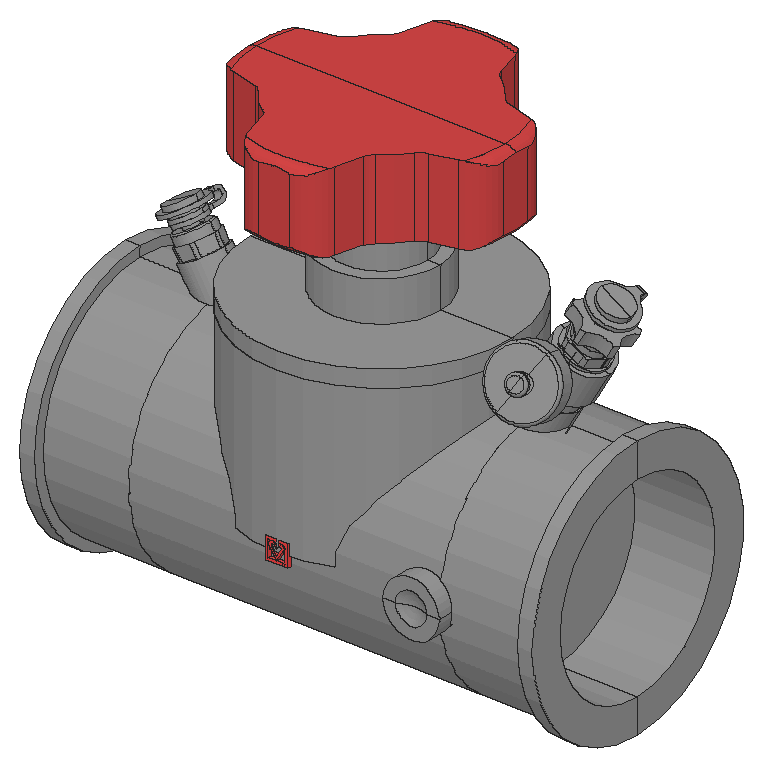
Revit family "HERZ Strömax Commissioning Valve With Test Points, Straight Body 4217 GML", category Rohrzubehör, Revit 2021
Family settings
  Bemaßung runder Anschluss = Durchmesser verwenden
  Teiletyp = Unterbricht
  OmniClass-Nummer = 23.65.55.14
  OmniClass-Titel = Valves for Liquid Services
  Arbeitsebenenbasiert = Nein
  Immer vertikal = Ja
  Beim Laden mit Abzugskörper schneiden = Nein
  Gemeinsam genutzt = Nein
Parameters
  kvs-value [instance] = if(Nennweite = 15.00 mm, 6.05, if(Nennweite = 20.00 mm, 6.11, if(Nennweite = 25.00 mm, 9.22, if(Nennweite = 32.00 mm, 18.83, if(Nennweite = 40.00 mm, 23.29, if(Nennweite = 50.00 mm, 35.26, if(Nennweite = 65.00 mm, 52.11, if(Nennweite = 80.00 mm, 76.1, 0))))))))  # 76.1
  W02 = 60.00°  # constant formula
  W01 = 30.00°  # constant formula
  Vorgabe-Ansicht = 0.00 mm
  URL = "www.herzvalves.com"
  SC_NennweiteBerechnet = 0
  SC_Dimension = ""
  SCRNSEQ = "ARM;ARM_TYP=\"STRV\";2"
  SCRNCODE = "05;07;02"  # constant formula
  S02 = 60.00 mm  # constant formula
  S01 [instance] = H00 + H01  # 119.31 mm
  R01 [instance] = size_lookup("4217_GML_", "R1", 1.00 mm, Nennweite)  # 53.00 mm
  Part number [instance] = size_lookup("4217_GML_", "Artnr", 0, Nennweite)  # 1421718
  Nennweite [instance] = 80.00 mm
  Model = "STRÖMAX-GML commissioning valve with test points and capillary connection 1/2′′ – 3′′:\r\nScrew down model, brass version, socket x socket, non-rising spindle, spindle seal by means of double-O-ring, presetting by limitation of valve lift by means of internal spindle;\r\ndigital display of presetting step at the hand wheel window.\r\nOne standard test point and one test point fitted with a capillary connection are located adjacent to the hand wheel."
  Medium = "Water purity in accordance with the OeNORM H5195 and VDI 2035 standards.\r\nEthylene and propylene glycol can be mixed to a ratio of 25 - 50 vol. [%]."
  Max. operating pressure = 1600000.0 Pa  # constant formula
  Max. operating temperature (up to DN32) = 130 °C  # constant formula
  Max. operating temperature (from DN40) = 110 °C  # constant formula
  ML02 [instance] = size_lookup("4217_GML_", "ML2", 1.00 mm, Nennweite)  # 70.50 mm
  ML01 [instance] = size_lookup("4217_GML_", "ML1", 1.00 mm, Nennweite)  # 37.35 mm
  MD01 = 9.50 mm  # constant formula
  L02 [instance] = size_lookup("4217_GML_", "L2", 1.00 mm, Nennweite)  # 6.00 mm
  L01 [instance] = size_lookup("4217_GML_", "L1", 1.00 mm, Nennweite)  # 41.30 mm
  L00 [instance] = size_lookup("4217_GML_", "L", 1.00 mm, Nennweite)  # 210.00 mm
  IG [instance] = Nennweite / 2  # 40.00 mm
  Hersteller = "HERZ Armaturen Ges.m.b.H."  # constant formula
  H04 [instance] = size_lookup("4217_GML_", "H4", 1.00 mm, Nennweite)  # 19.00 mm
  H03 = 10.00 mm  # constant formula
  H02 [instance] = size_lookup("4217_GML_", "H2", 1.00 mm, Nennweite)  # 7.00 mm
  H01 [instance] = size_lookup("4217_GML_", "H1", 1.00 mm, Nennweite)  # 52.60 mm
  H00 [instance] = size_lookup("4217_GML_", "H", 1.00 mm, Nennweite)  # 66.71 mm
  Weight [instance] = if(Nennweite = 15.00 mm, "0.97 kg", if(Nennweite = 20.00 mm, "1.00 kg", if(Nennweite = 25.00 mm, "1.45 kg", if(Nennweite = 32.00 mm, "1.98 kg", if(Nennweite = 40.00 mm, "2.34 kg", if(Nennweite = 50.00 mm, "3.85 kg", if(Nennweite = 65.00 mm, "5.35 kg", if(Nennweite = 80.00 mm, "7.20 kg", "0 kg"))))))))  # "7.20 kg"
  GT [instance] = size_lookup("4217_GML_", "GT", 1.00 mm, Nennweite)  # 33.30 mm
  Field of application = "For hydraulic balancing in heating and cooling systems, adjustment of distribution mains, circuits, heat exchangers, heating and cooling registers, etc."
  Installation position = "The non-rising valve spindle arranged perpendicular to the valve axis guarantees optimum accessibility and optimum valve operation in any installation position."
  Differential pressure measurement = "STRÖMAX-GML commissioning valve is equipped with two test points.\r\nThe differential pressure can be measured using a suitable measuring instrument, which permits calculation of the flow rate as a function of the respective presetting step.\r\nThe HERZ-Measuring computer (1 8900 05) permits direct flow rate reading (consult the equipment manual)."
  DN80 [instance] = Nennweite = 80.00 mm  # yes
  DN65 [instance] = Nennweite = 65.00 mm  # no
  DN50_DN80 [instance] = or(Nennweite = 50.00 mm, Nennweite = 65.00 mm, Nennweite = 80.00 mm)  # yes
  DN50-DN80 [instance] = H00 + H01  # 119.31 mm
  DN50 [instance] = Nennweite = 50.00 mm  # no
  DN40 [instance] = Nennweite = 40.00 mm  # no
  DN32 [instance] = Nennweite = 32.00 mm  # no
  DN25 [instance] = Nennweite = 25.00 mm  # no
  DN20 [instance] = Nennweite = 20.00 mm  # no
  DN15_DN40 [instance] = or(Nennweite = 15.00 mm, Nennweite = 20.00 mm, Nennweite = 25.00 mm, Nennweite = 32.00 mm, Nennweite = 40.00 mm)  # no
  DN15-DN40 [instance] = H00 + H01  # 119.31 mm
  DN15 [instance] = Nennweite = 15.00 mm  # no
  D06 [instance] = size_lookup("4217_GML_", "D6", 1.00 mm, Nennweite)  # 24.30 mm
  D05 [instance] = size_lookup("4217_GML_", "D5", 1.00 mm, Nennweite)  # 19.00 mm
  D04 = 9.00 mm  # constant formula
  D03 [instance] = size_lookup("4217_GML_", "D3", 1.00 mm, Nennweite)  # 53.80 mm
  D02 [instance] = size_lookup("4217_GML_", "D2", 1.00 mm, Nennweite)  # 54.00 mm
  D01 [instance] = size_lookup("4217_GML_", "D1", 1.00 mm, Nennweite)  # 50.00 mm
  Body = "DZR brass"  # constant formula
Reference planes
  plane 1 "Mitte (Vorne/hinten)": y = 0
  plane 2: z = 0
  plane 3 "Mitte (Links/rechts)": x = 0
Forms (mm)
  Revolve 1, solid, material "Messing, weicher Gelbton, geschweißt", detail levels fine
    sketch origin (0, 0, 0) x (1, 0, 0) y (0, 0, 1)
      loop
        line (-105, 54) -> (-105, 40) -> (-71.7, 40) -> (-71.7, 0) -> (71.7, 0) -> (71.7, 40) -> (105, 40) -> (105, 54) -> (99, 54) -> (99, 50) -> (63.7, 50)
        arc (63.7, 50) -> (0, 53) -> (-63.7, 50) r 677.782
        line (-63.7, 50) -> (-99, 50) -> (-99, 54) -> (-105, 54)
      axis (-105, 0) -> (105, 0)
    angle from 0 to 360
  Revolve 2, solid, material "Messing, weicher Gelbton, geschweißt", detail levels fine
    sketch origin (0, 0, 0) x (1, 0, 0) y (0, 0, 1)
      loop
        line (37.35, 0) -> (72.6, 61.055) -> (64.373, 65.805) -> (29.123, 4.75) -> (37.35, 0)
      axis (37.35, 0) -> (72.6, 61.055)
    angle from 0 to 360
  Revolve 3, solid, material "Messing, weicher Gelbton, geschweißt", detail levels fine
    sketch origin (0, 0, 0) x (1, 0, 0) y (0, 0, 1)
      loop
        line (0, 0) -> (0, 66.71) -> (-53.8, 66.71) -> (-53.8, 0) -> (0, 0)
      axis (0, 66.71) -> (0, 0)
    angle from 0 to 360
  Revolve 4, solid, material "Messing, weicher Gelbton, geschweißt", detail levels fine
    sketch origin (0, 0, 0) x (-1, 0, 0) y (0, 0, 1)
      loop
        line (37.35, 0) -> (72.6, 61.055) -> (64.373, 65.805) -> (29.123, 4.75) -> (37.35, 0)
      axis (37.35, 0) -> (72.6, 61.055)
    angle from 0 to 360
  Revolve 5, solid, material "Messing, weicher Gelbton, geschweißt", visible <- "DN65", detail levels fine
    sketch origin (0, 0, 0) x (1, 0, 0) y (0, 1, 0)
      loop
        line (60, 47.945) -> (60, -47.945)
        arc (60, -47.945) -> (63.368, -48.598) -> (66.5, -50) r 15
        line (66.5, -50) -> (71.5, -50) -> (71.5, 50) -> (66.5, 50)
        arc (66.5, 50) -> (63.368, 48.598) -> (60, 47.945) r 15
      axis (60, 50) -> (60, -50)
    angle from 0 to 360
  Revolve 6, solid, material "Messing, weicher Gelbton, geschweißt", detail levels fine
    sketch origin (0, 0, 0) x (1, 0, 0) y (0, 0, 1)
      loop
        line (0, 66.71) -> (0, 119.31) -> (-9, 119.31) -> (-9, 109.31) -> (-19, 109.31) -> (-19, 90.31) -> (-24.3, 90.31) -> (-24.3, 73.71) -> (-53.8, 73.71) -> (-53.8, 66.71) -> (0, 66.71)
      axis (0, 119.31) -> (0, 66.71)
    angle from 0 to 360
  Revolve 7, solid, material "Messing, weicher Gelbton, geschweißt", visible <- "DN80", detail levels fine
    sketch origin (0, 0, 0) x (1, 0, 0) y (0, 1, 0)
      loop
        line (57, 53.945) -> (57, -53.945)
        arc (57, -53.945) -> (60.368, -54.598) -> (63.5, -56) r 15
        line (63.5, -56) -> (68.5, -56) -> (68.5, 56) -> (63.5, 56)
        arc (63.5, 56) -> (60.368, 54.598) -> (57, 53.945) r 15
      axis (57, 56) -> (57, -56)
    angle from 0 to 360
Lines and regions (mm)
  model lines, detail levels coarse+medium
    curve 1: line (-105, 0, 54) -> (-105, 0, -54)
    curve 2: line (-105, 0, -54) -> (105, 0, 54)
    curve 3: line (105, 0, 54) -> (105, 0, -54)
    curve 4: line (105, 0, -54) -> (-105, 0, 54)
    curve 5: line (0, 0, 0) -> (68.884, 0, 119.31)
    curve 6: line (42.903, 0, 134.31) -> (94.864, 0, 104.31)
    curve 7: line (-105, 54, 0) -> (-105, -54, 0)
    curve 8: line (-105, -54, 0) -> (105, 54, 0)
    curve 9: line (105, 54, 0) -> (105, -54, 0)
    curve 10: line (105, -54, 0) -> (-105, 54, 0)
    curve 11: line (0, 0, 0) -> (68.884, 119.31, 0)
    curve 12: line (42.903, 134.31, 0) -> (94.864, 104.31, 0)
Dimensions and locks
  "IG": Revolve 1 sketch curve to plane 2
  "GT": Revolve 1 sketch curve to Revolve 1 sketch curve  (x2)
  "IG": Revolve 1 sketch curve to Revolve 1 sketch curve
  "D01": Revolve 1 sketch curve to Revolve 1 sketch curve  (x2)
  "R01": Revolve 1 sketch curve to Revolve 1 sketch curve
  "L02": Revolve 1 sketch curve to Revolve 1 sketch curve  (x2)
  "L01": Revolve 1 sketch curve to Revolve 1 sketch curve  (x2)
  "D02": Revolve 1 sketch curve to plane 2  (x2)
  equal spacing: Revolve 1 sketch curve, plane 3 "Mitte (Links/rechts)", Revolve 1 sketch curve
  "L00": Revolve 1 sketch curve to Revolve 1 sketch curve
  "R01": nested 1 to plane 1 "Mitte (Vorne/hinten)"
  "ML01": Revolve 2 sketch curve to plane 3 "Mitte (Links/rechts)"
  "H00": Revolve 3 sketch curve to plane 2
  "D03": Revolve 3 sketch curve to Revolve 3 sketch curve
  "ML02": Revolve 2 sketch curve to Revolve 2 sketch curve
  "MD01": Revolve 2 sketch curve to Revolve 2 sketch curve  (x2)
  "ML02": Revolve 4 sketch curve to Revolve 4 sketch curve
  "MD01": Revolve 4 sketch curve to Revolve 4 sketch curve  (x2)
  "ML01": plane 3 "Mitte (Links/rechts)" to Revolve 4 sketch curve
  Revolve 5 sketch curve to Revolve 1 = 45.00 mm
  Revolve 5 sketch curve to Revolve 5 sketch curve = 11.50 mm  (x2)
  Revolve 5 sketch curve to plane 1 "Mitte (Vorne/hinten)" to Revolve 5 sketch curve = 50.00 mm, 50.00 mm
  "H00": Revolve 6 sketch curve to plane 2
  "H01": Revolve 6 sketch curve to Revolve 6 sketch curve
  "D04": Revolve 6 sketch curve to Revolve 6 sketch curve
  "D03": Revolve 6 sketch curve to Revolve 6 sketch curve
  "D05": Revolve 6 sketch curve to Revolve 6 sketch curve
  "D06": Revolve 6 sketch curve to Revolve 6 sketch curve
  "H02": Revolve 6 sketch curve to Revolve 6 sketch curve
  "H03": Revolve 6 sketch curve to Revolve 6 sketch curve
  "H04": Revolve 6 sketch curve to Revolve 6 sketch curve
  Revolve 7 sketch curve to Revolve 1 = 48.00 mm
  Revolve 7 sketch curve to Revolve 7 sketch curve = 11.50 mm  (x2)
  Revolve 7 sketch curve to plane 1 "Mitte (Vorne/hinten)" to Revolve 7 sketch curve = 56.00 mm, 56.00 mm
  "DN15-DN40": nested 2 to plane 2
  "DN50-DN80": nested 3 to plane 2
  "D02": curve 4 to plane 2 to curve 2
  "D02": curve 3 to plane 2 to curve 4
  equal spacing: curve 1, plane 3 "Mitte (Links/rechts)", curve 3
  "L00": curve 1 to curve 3
  equal spacing: Revolve 1, curve 5, Revolve 1
  "S01": curve 5 to plane 2
  equal spacing: curve 6, curve 5, curve 6
  "S02": curve 6 to curve 6
  "D02": curve 8 to plane 1 "Mitte (Vorne/hinten)" to curve 10
  "D02": curve 10 to plane 1 "Mitte (Vorne/hinten)" to curve 9
  equal spacing: curve 7, plane 3 "Mitte (Links/rechts)", curve 9
  "L00": curve 7 to curve 9
  equal spacing: curve 7, curve 11, curve 9
  "S01": plane 1 "Mitte (Vorne/hinten)" to curve 11
  equal spacing: curve 12, curve 11, curve 12
  "S02": curve 12 to curve 12
  radius of Revolve 5 sketch curve = 15.00 mm  (x2)
  radius of Revolve 7 sketch curve = 15.00 mm  (x2)
  "W01": angle Revolve 2 sketch curve to plane 3 "Mitte (Links/rechts)"  (x2)
  "W01": angle plane 3 "Mitte (Links/rechts)" to Revolve 4 sketch curve  (x2)
  "W02": angle plane 2 to curve 5
  "W02": angle plane 1 "Mitte (Vorne/hinten)" to curve 11
  aligned and locked: level to plane 2
Automatic sketch dimensions
  Revolve 5 sketch curve to Revolve 5 sketch curve = 1.153 mm  (x2)
  Revolve 5 sketch curve to Revolve 5 sketch curve = 5.00 mm  (x2)
  Revolve 5 sketch curve to Revolve 5 sketch curve = 2.854 mm  (x2)
  Revolve 7 sketch curve to Revolve 7 sketch curve = 1.153 mm  (x2)
  Revolve 7 sketch curve to Revolve 7 sketch curve = 5.00 mm  (x2)
  Revolve 7 sketch curve to Revolve 7 sketch curve = 8.854 mm  (x2)
  Revolve 1 sketch curve to level = 0.00 mm  (x2)
  Revolve 1 sketch curve to Revolve 1 sketch curve = 1429.986 mm
  Revolve 1 sketch curve to Revolve 1 sketch curve = 1762.604 mm
  Revolve 2 sketch curve to level = 0.00 mm  (x2)
  Revolve 3 sketch curve to level = 0.00 mm
  Revolve 3 sketch curve to plane 3 "Mitte (Links/rechts)" = 0.00 mm  (x2)
  Revolve 3 sketch curve to Revolve 3 sketch curve = 366.045 mm
  Revolve 3 sketch curve to Revolve 3 sketch curve = 2179.415 mm
  Revolve 4 sketch curve to level = 0.00 mm  (x2)
  Revolve 6 sketch curve to plane 3 "Mitte (Links/rechts)" = 0.00 mm  (x2)
  Revolve 6 sketch curve to level = 366.045 mm
  Revolve 6 sketch curve to Revolve 6 sketch curve = 2146.115 mm
Nested families
  nested 1: "Herz-Logo-vorne" at (0, -53, 0) x (0, 1, 0) z (0, 0, 1), type "Herz-Logo-vorne", detail levels fine
  nested 2: "Strangregulierventil-Handrad-Gerade (Rot) DN15-DN40" at (0, 0, 119.31), visible <- "DN15_DN40", type "Strangregulierventil-Handrad-Gerade (Rot) DN15-DN40", detail levels fine
    with Nennweite 0.00 mm, Gewicht 0.00 kg, Bestellnummer 0
  nested 3: "Strangregulierventil-Handrad-Gerade (Rot) DN50-DN80" at (0, 0, 119.31), visible <- "DN50_DN80", type "Strangregulierventil-Handrad-Gerade (Rot) DN50-DN80", detail levels fine
    with Nennweite 0.00 mm, Gewicht 0.00 kg, Bestellnummer 0
  nested 4: "Messstutzen_Band-KFE_Austritt_30Grad_(oben)" at (61.39, 0, 59.409), visible <- "DN50", type "Messstutzen_Band-KFE_Austritt_30Grad_(oben)", detail levels fine
    with Schutzkappe yes, Nennweite 0.00 mm, Gewicht 0.00 kg, Bestellnummer 0
  nested 5: "Messstutzen_Band_Eintritt_30Grad_(oben)" at (-47.24, 0, 34.901) x (-1, 0, 0) z (0, 0, 1), visible <- "DN50", type "Messstutzen_Band_Eintritt_30Grad_(oben)", detail levels fine
    with Schutzkappe yes, Nennweite 0.00 mm, Gewicht 0.00 kg, Bestellnummer 0
  nested 6: "Messstutzen_Band-KFE_Austritt_30Grad_(oben)" at (41.17, 0, 35.507), visible <- "DN15", type "Messstutzen_Band-KFE_Austritt_30Grad_(oben)", detail levels fine
    with Schutzkappe yes, Nennweite 0.00 mm, Gewicht 0.00 kg, Bestellnummer 0
  nested 7: "Messstutzen_Band_Eintritt_30Grad_(oben)" at (-27.02, 0, 10.999) x (-1, 0, 0) z (0, 0, 1), visible <- "DN15", type "Messstutzen_Band_Eintritt_30Grad_(oben)", detail levels fine
    with Schutzkappe yes, Nennweite 0.00 mm, Gewicht 0.00 kg, Bestellnummer 0
  nested 8: "Messstutzen_Band_Eintritt_30Grad_(oben)" at (-24.855, 0, 13.553) x (-1, 0, 0) z (0, 0, 1), visible <- "DN20", type "Messstutzen_Band_Eintritt_30Grad_(oben)", detail levels fine
    with Schutzkappe yes, Nennweite 0.00 mm, Gewicht 0.00 kg, Bestellnummer 0
  nested 9: "Messstutzen_Band-KFE_Austritt_30Grad_(oben)" at (39.005, 0, 38.062), visible <- "DN20", type "Messstutzen_Band-KFE_Austritt_30Grad_(oben)", detail levels fine
    with Schutzkappe yes, Nennweite 0.00 mm, Gewicht 0.00 kg, Bestellnummer 0
  nested 10: "Messstutzen_Band_Eintritt_30Grad_(oben)" at (-29.265, 0, 17.883) x (-1, 0, 0) z (0, 0, 1), visible <- "DN25", type "Messstutzen_Band_Eintritt_30Grad_(oben)", detail levels fine
    with Schutzkappe yes, Nennweite 0.00 mm, Gewicht 0.00 kg, Bestellnummer 0
  nested 11: "Messstutzen_Band-KFE_Austritt_30Grad_(oben)" at (43.415, 0, 42.392), visible <- "DN25", type "Messstutzen_Band-KFE_Austritt_30Grad_(oben)", detail levels fine
    with Schutzkappe yes, Nennweite 0.00 mm, Gewicht 0.00 kg, Bestellnummer 0
  nested 12: "Messstutzen_Band_Eintritt_30Grad_(oben)" at (-37.74, 0, 24.595) x (-1, 0, 0) z (0, 0, 1), visible <- "DN32", type "Messstutzen_Band_Eintritt_30Grad_(oben)", detail levels fine
    with Schutzkappe yes, Nennweite 0.00 mm, Gewicht 0.00 kg, Bestellnummer 0
  nested 13: "Messstutzen_Band-KFE_Austritt_30Grad_(oben)" at (51.89, 0, 49.104), visible <- "DN32", type "Messstutzen_Band-KFE_Austritt_30Grad_(oben)", detail levels fine
    with Schutzkappe yes, Nennweite 0.00 mm, Gewicht 0.00 kg, Bestellnummer 0
  nested 14: "Messstutzen_Band_Eintritt_30Grad_(oben)" at (-42.8, 0, 28.665) x (-1, 0, 0) z (0, 0, 1), visible <- "DN40", type "Messstutzen_Band_Eintritt_30Grad_(oben)", detail levels fine
    with Schutzkappe yes, Nennweite 0.00 mm, Gewicht 0.00 kg, Bestellnummer 0
  nested 15: "Messstutzen_Band-KFE_Austritt_30Grad_(oben)" at (56.95, 0, 53.174), visible <- "DN40", type "Messstutzen_Band-KFE_Austritt_30Grad_(oben)", detail levels fine
    with Schutzkappe yes, Nennweite 0.00 mm, Gewicht 0.00 kg, Bestellnummer 0
  nested 16: "Messstutzen_Band_Eintritt_30Grad_(oben)" at (-54.5, 0, 38.105) x (-1, 0, 0) z (0, 0, 1), visible <- "DN65", type "Messstutzen_Band_Eintritt_30Grad_(oben)", detail levels fine
    with Schutzkappe yes, Nennweite 0.00 mm, Gewicht 0.00 kg, Bestellnummer 0
  nested 17: "Messstutzen_Band-KFE_Austritt_30Grad_(oben)" at (68.65, 0, 62.614), visible <- "DN65", type "Messstutzen_Band-KFE_Austritt_30Grad_(oben)", detail levels fine
    with Schutzkappe yes, Nennweite 0.00 mm, Gewicht 0.00 kg, Bestellnummer 0
  nested 18: "Messstutzen_Band_Eintritt_30Grad_(oben)" at (-63.85, 0, 45.899) x (-1, 0, 0) z (0, 0, 1), visible <- "DN80", type "Messstutzen_Band_Eintritt_30Grad_(oben)", detail levels fine
    with Schutzkappe yes, Nennweite 0.00 mm, Gewicht 0.00 kg, Bestellnummer 0
  nested 19: "Messstutzen_Band-KFE_Austritt_30Grad_(oben)" at (78, 0, 70.408), visible <- "DN80", type "Messstutzen_Band-KFE_Austritt_30Grad_(oben)", detail levels fine
    with Schutzkappe yes, Nennweite 0.00 mm, Gewicht 0.00 kg, Bestellnummer 0
Connectors
  piping at (-71.7, 0, 0), diameter 80, driven by "Nennweite"
    settings: on Revolve 1, index 1, connector inside diameter 609.6 mm, connector length 0.00 mm, flow factor 0, pipe flow 0.0 L/s, pressure drop 0.0 Pa, fitting loss kfactor 0, connector angle 0.00°, fixture units 0, engagement length 0.00 mm, angle of deflection 0.00°, flow configuration 0, flow direction 1, fitting loss method 0, system type 29, joint type 0, gender type 0, connector reference index -1, connector utility 0, adjustable connector no, is connector primary yes, connector description ""
  piping at (71.7, 0, 0), diameter 80, driven by "Nennweite"
    settings: on Revolve 1, index 2, connector inside diameter 609.6 mm, connector length 0.00 mm, flow factor 0, pipe flow 0.0 L/s, pressure drop 0.0 Pa, fitting loss kfactor 0, connector angle 0.00°, fixture units 0, engagement length 0.00 mm, angle of deflection 0.00°, flow configuration 0, flow direction 2, fitting loss method 0, system type 29, joint type 0, gender type 0, connector reference index -1, connector utility 0, adjustable connector no, is connector primary no, connector description ""
Definition of nested family "Herz-Logo-vorne"
  Parameters (values of type "Herz-Logo-vorne")
    Default Elevation = 0.00 mm
  Reference planes
    plane 1 "Mitte (Vorne/hinten)": y = 0
    plane 2: z = 0
    plane 3 "Mitte (Links/rechts)": x = 0
  Forms (mm)
    Extrusion 1, solid
      sketch origin (0.732, -0.018, 0.017) x (0, -1, 0) y (0, 0, 1)
        loop
          line (-0.018, -4.517) -> (4.482, -4.517) -> (4.482, 4.483) -> (-4.518, 4.483) -> (-4.518, -4.517) -> (-0.018, -4.517)
        loop
          line (-0.05, -3.48) -> (3.482, -3.48) -> (3.482, 3.483) -> (-3.518, 3.483) -> (-3.518, -3.48) -> (-0.05, -3.48)
        loop
          arc (-0.018, 2.383) -> (-1.543, 3.287) -> (-3.067, 2.383) r 1.738
          arc (-3.067, 2.383) -> (-3.191, 1.899) -> (-3.067, 1.415) r 1.009
          line (-3.067, 1.415) -> (-0.018, -3.281) -> (3.032, 1.415)
          arc (3.032, 1.415) -> (3.156, 1.899) -> (3.032, 2.383) r 1.009
          arc (3.032, 2.383) -> (1.507, 3.287) -> (-0.018, 2.383) r 1.738
        loop
          arc (1.885, 1.272) -> (2.005, 1.675) -> (1.885, 2.079) r 0.74
          arc (1.885, 2.079) -> (1.265, 2.416) -> (0.644, 2.079) r 0.74
          line (0.644, 2.079) -> (-0.018, 0.97) -> (-0.679, 2.079)
          arc (-0.679, 2.079) -> (-1.3, 2.416) -> (-1.921, 2.079) r 0.74
          arc (-1.921, 2.079) -> (-2.04, 1.675) -> (-1.921, 1.272) r 0.74
          line (-1.921, 1.272) -> (-0.018, -1.658) -> (1.885, 1.272)
      from 0 to 1.5
  Dimensions and locks
    aligned and locked: level to plane 2
Definition of nested family "Strangregulierventil-Handrad-Gerade (Rot) DN15-DN40"
  Parameters (values of type "Strangregulierventil-Handrad-Gerade (Rot) DN15-DN40")
    Default Elevation = 0.00 mm
    URL = "www.herz-armaturen.at"
    Nennweite [instance] = 0.00 mm
    Manufacturer = "Herz Armaturen GmbH"  # constant formula
    Gewicht [instance] = 0.00 kg
    Bestellnummer [instance] = 0
  Reference planes
    plane 1 "Mitte (Vorne/hinten)": y = 0
    plane 2: z = 0
    plane 3 "Mitte (Links/rechts)": x = 0
  Forms (mm)
    Revolve 1, solid, detail levels fine
      sketch origin (0, 0, 0) x (1, 0, 0) y (0, 0, 1)
        loop
          line (0, 0) -> (0, 24.95) -> (-30.992, 24.95)
          arc (-30.992, 24.95) -> (-34.37, 23.636) -> (-35.973, 20.386) r 5
          line (-35.973, 20.386) -> (-37, 8.65) -> (-35.986, -2.936)
          arc (-35.986, -2.936) -> (-34.383, -6.186) -> (-31.005, -7.5) r 5
          line (-31.005, -7.5) -> (-15, -7.5) -> (-15, 0) -> (0, 0)
        axis (0, 24.95) -> (0, -7.5)
      angle from 0 to 360
    Extrusion 2, void
      sketch origin (0, 0, 20.3) x (1, 0, 0) y (0, 1, 0)
        loop
          line (3.861, 35.5) -> (-3.861, 35.5)
          arc (-3.861, 35.5) -> (-8.731, 33.847) -> (-11.589, 29.571) r 8
          line (-11.589, 29.571) -> (-13.284, 23.245)
          arc (-13.284, 23.245) -> (-13.982, 21.722) -> (-15.144, 20.516) r 5
          arc (-15.144, 20.516) -> (-18.031, 18.031) -> (-20.516, 15.144) r 25.5
          arc (-20.516, 15.144) -> (-21.722, 13.982) -> (-23.245, 13.284) r 5
          line (-23.245, 13.284) -> (-29.571, 11.589)
          arc (-29.571, 11.589) -> (-33.847, 8.731) -> (-35.5, 3.861) r 8
          line (-35.5, 3.861) -> (-35.5, -3.861)
          arc (-35.5, -3.861) -> (-33.847, -8.731) -> (-29.571, -11.589) r 8
          line (-29.571, -11.589) -> (-23.245, -13.284)
          arc (-23.245, -13.284) -> (-21.722, -13.982) -> (-20.516, -15.144) r 5
          arc (-20.516, -15.144) -> (-18.031, -18.031) -> (-15.144, -20.516) r 25.5
          arc (-15.144, -20.516) -> (-13.982, -21.722) -> (-13.284, -23.245) r 5
          line (-13.284, -23.245) -> (-11.589, -29.571)
          arc (-11.589, -29.571) -> (-8.731, -33.847) -> (-3.861, -35.5) r 8
          line (-3.861, -35.5) -> (3.861, -35.5)
          arc (3.861, -35.5) -> (8.731, -33.847) -> (11.589, -29.571) r 8
          line (11.589, -29.571) -> (13.284, -23.245)
          arc (13.284, -23.245) -> (13.982, -21.722) -> (15.144, -20.516) r 5
          arc (15.144, -20.516) -> (18.031, -18.031) -> (20.516, -15.144) r 25.5
          arc (20.516, -15.144) -> (21.722, -13.982) -> (23.245, -13.284) r 5
          line (23.245, -13.284) -> (29.571, -11.589)
          arc (29.571, -11.589) -> (33.847, -8.731) -> (35.5, -3.861) r 8
          line (35.5, -3.861) -> (35.5, 3.861)
          arc (35.5, 3.861) -> (33.847, 8.731) -> (29.571, 11.589) r 8
          line (29.571, 11.589) -> (23.245, 13.284)
          arc (23.245, 13.284) -> (21.722, 13.982) -> (20.516, 15.144) r 5
          arc (20.516, 15.144) -> (18.031, 18.031) -> (15.144, 20.516) r 25.5
          arc (15.144, 20.516) -> (13.982, 21.722) -> (13.284, 23.245) r 5
          line (13.284, 23.245) -> (11.589, 29.571)
          arc (11.589, 29.571) -> (8.731, 33.847) -> (3.861, 35.5) r 8
        loop
          circle (0, 0) r 38
      from -31.266 to 7.923
  Cuts and joins
    Extrusion 2 cuts Revolve 1
  Dimensions and locks
    Revolve 1 sketch curve to Revolve 1 sketch curve = 15.00 mm
    Revolve 1 sketch curve to Revolve 1 sketch curve = 16.15 mm
    Revolve 1 sketch curve to Revolve 1 sketch curve = 16.30 mm
    angle Revolve 1 sketch curve to Revolve 1 sketch curve = 95.00°
    aligned and locked: level to plane 2
Definition of nested family "Strangregulierventil-Handrad-Gerade (Rot) DN50-DN80"
  Parameters (values of type "Strangregulierventil-Handrad-Gerade (Rot) DN50-DN80")
    Default Elevation = 0.00 mm
    URL = "www.herz-armaturen.at"
    Nennweite [instance] = 0.00 mm
    Manufacturer = "Herz Armaturen GmbH"  # constant formula
    Gewicht [instance] = 0.00 kg
    Bestellnummer [instance] = 0
  Reference planes
    plane 1 "Mitte (Vorne/hinten)": y = 0
    plane 2: z = 0
    plane 3 "Mitte (Links/rechts)": x = 0
  Forms (mm)
    Revolve 1, solid, detail levels fine
      sketch origin (0, 0, 0) x (1, 0, 0) y (0, 0, 1)
        loop
          line (0, 0) -> (0, 24.95) -> (-50.992, 24.95)
          arc (-50.992, 24.95) -> (-54.37, 23.636) -> (-55.973, 20.386) r 5
          line (-55.973, 20.386) -> (-57, 8.65) -> (-55.986, -2.936)
          arc (-55.986, -2.936) -> (-54.383, -6.186) -> (-51.005, -7.5) r 5
          line (-51.005, -7.5) -> (-15, -7.5) -> (-15, 0) -> (0, 0)
        axis (0, 24.95) -> (0, -7.5)
      angle from 0 to 360
    Extrusion 2, void
      sketch origin (0, 0, 20.3) x (1, 0, 0) y (0, 1, 0)
        loop
          line (-55, 6.292) -> (-55, -6.292)
          arc (-55, -6.292) -> (-52.52, -13.597) -> (-46.106, -17.883) r 12
          line (-46.106, -17.883) -> (-35.399, -20.752)
          arc (-35.399, -20.752) -> (-33.541, -21.612) -> (-32.08, -23.047) r 6
          arc (-32.08, -23.047) -> (-27.931, -27.931) -> (-23.047, -32.08) r 39.5
          arc (-23.047, -32.08) -> (-21.612, -33.541) -> (-20.752, -35.399) r 6
          line (-20.752, -35.399) -> (-17.883, -46.106)
          arc (-17.883, -46.106) -> (-13.597, -52.52) -> (-6.292, -55) r 12
          line (-6.292, -55) -> (6.292, -55)
          arc (6.292, -55) -> (13.597, -52.52) -> (17.883, -46.106) r 12
          line (17.883, -46.106) -> (20.752, -35.399)
          arc (20.752, -35.399) -> (21.612, -33.541) -> (23.047, -32.08) r 6
          arc (23.047, -32.08) -> (27.931, -27.931) -> (32.08, -23.047) r 39.5
          arc (32.08, -23.047) -> (33.541, -21.612) -> (35.399, -20.752) r 6
          line (35.399, -20.752) -> (46.106, -17.883)
          arc (46.106, -17.883) -> (52.52, -13.597) -> (55, -6.292) r 12
          line (55, -6.292) -> (55, 6.292)
          arc (55, 6.292) -> (52.52, 13.597) -> (46.106, 17.883) r 12
          line (46.106, 17.883) -> (35.399, 20.752)
          arc (35.399, 20.752) -> (33.541, 21.612) -> (32.08, 23.047) r 6
          arc (32.08, 23.047) -> (27.931, 27.931) -> (23.047, 32.08) r 39.5
          arc (23.047, 32.08) -> (21.612, 33.541) -> (20.752, 35.399) r 6
          line (20.752, 35.399) -> (17.883, 46.106)
          arc (17.883, 46.106) -> (13.597, 52.52) -> (6.292, 55) r 12
          line (6.292, 55) -> (-6.292, 55)
          arc (-6.292, 55) -> (-13.597, 52.52) -> (-17.883, 46.106) r 12
          line (-17.883, 46.106) -> (-20.752, 35.399)
          arc (-20.752, 35.399) -> (-21.612, 33.541) -> (-23.047, 32.08) r 6
          arc (-23.047, 32.08) -> (-27.931, 27.931) -> (-32.08, 23.047) r 39.5
          arc (-32.08, 23.047) -> (-33.541, 21.612) -> (-35.399, 20.752) r 6
          line (-35.399, 20.752) -> (-46.106, 17.883)
          arc (-46.106, 17.883) -> (-52.52, 13.597) -> (-55, 6.292) r 12
        loop
          circle (0, 0) r 60
      from -31.161 to 7.489
  Cuts and joins
    Extrusion 2 cuts Revolve 1
  Dimensions and locks
    Revolve 1 sketch curve to Revolve 1 sketch curve = 15.00 mm
    Revolve 1 sketch curve to Revolve 1 sketch curve = 16.15 mm
    Revolve 1 sketch curve to Revolve 1 sketch curve = 16.30 mm
    Revolve 1 sketch curve to Revolve 1 sketch curve = 57.00 mm
    angle Revolve 1 sketch curve to Revolve 1 sketch curve = 95.00°
    aligned and locked: level to plane 2
Definition of nested family "Messstutzen_Band-KFE_Austritt_30Grad_(oben)"
  Parameters (values of type "Messstutzen_Band-KFE_Austritt_30Grad_(oben)")
    Default Elevation = 0.00 mm
    URL = "www.herz-armaturen.at"
    Schutzkappe [instance] = yes
    Nennweite [instance] = 0.00 mm
    Manufacturer = "Herz Armaturen GmbH"  # constant formula
    Gewicht [instance] = 0.00 kg
    Bestellnummer [instance] = 0
  Reference planes
    plane 1 "Mitte (Vorne/hinten)": y = 0
    plane 2: z = 0
    plane 3 "Mitte (Links/rechts)": x = 0
  Forms (mm)
    Revolve 1, solid, detail levels fine
      sketch origin (0, 0, 0) x (0.866025, 0, -0.5) y (0.5, 0, 0.866025)
        loop
          line (-7.4, 9) -> (-5.55, 9) -> (-5.55, 6)
          arc (-5.55, 6) -> (-5.626, 5.617) -> (-5.843, 5.293) r 1
          line (-5.843, 5.293) -> (-6.455, 4.681) -> (-6.455, 0.9) -> (-5.555, 0) -> (-2, 0) -> (-2, 23) -> (-2, 35.8) -> (-3.805, 35.8) -> (-4.415, 35.19) -> (-4.415, 30.863) -> (-3.7, 30.45) -> (-3.7, 27) -> (-7.4, 27) -> (-7.4, 9)
        axis (0, 0) -> (0, 35.8)
      angle from 0 to 360
    Extrusion 2, solid, detail levels fine
      sketch origin (8.75, 0, 15.155) x (0, 1, 0) y (-0.866025, 0, 0.5)
        loop
          arc (-7.07, 5.156) -> (-7.578, 4.375) -> (-8, 3.544) r 8.75
          line (-8, 3.544) -> (-8, -3.544)
          arc (-8, -3.544) -> (-7.578, -4.375) -> (-7.07, -5.156) r 8.75
          line (-7.07, -5.156) -> (-0.93, -8.7)
          arc (-0.93, -8.7) -> (0, -8.75) -> (0.93, -8.7) r 8.75
          line (0.93, -8.7) -> (7.07, -5.156)
          arc (7.07, -5.156) -> (7.578, -4.375) -> (8, -3.544) r 8.75
          line (8, -3.544) -> (8, 3.544)
          arc (8, 3.544) -> (7.578, 4.375) -> (7.07, 5.156) r 8.75
          line (7.07, 5.156) -> (0.93, 8.7)
          arc (0.93, 8.7) -> (0, 8.75) -> (-0.93, 8.7) r 8.75
          line (-0.93, 8.7) -> (-7.07, 5.156)
      from -5.51 to -1.21
    Revolve 3, solid, visible <- "Schutzkappe", detail levels fine
      sketch origin (0, 0, 0) x (0.866025, 0, -0.5) y (0.5, 0, 0.866025)
        loop
          line (0, 35.878) -> (0, 36.678) -> (-7, 36.678) -> (-7, 33.378) -> (-6.1, 33.378) -> (-6.1, 31.678) -> (-6.9, 31.678) -> (-6.9, 30.178) -> (-4.415, 30.178) -> (-4.415, 35.268) -> (-3.805, 35.878) -> (0, 35.878)
        axis (0, 30.178) -> (0, 36.678)
      angle from 0 to 360
    Extrusion 4, solid, detail levels fine
      sketch origin (15, 0, 25.981) x (0, 1, 0) y (0.866025, 0, -0.5)
        loop
          circle (0, 0) r 3.7
        loop
          arc (5.505, -3.906) -> (7.288, -2.358) -> (9.582, -1.8) r 5
          line (9.582, -1.8) -> (9.582, 1.8)
          arc (9.582, 1.8) -> (7.288, 2.358) -> (5.505, 3.906) r 5
          arc (5.505, 3.906) -> (-6.75, 0) -> (5.505, -3.906) r 6.75
      from 0 to -1.5
    Extrusion 5, solid, detail levels fine
      sketch origin (16.589, 0, 28.733) x (0, 1, 0) y (0.866025, 0, -0.5)
        loop
          circle (0, 0) r 6.1
        loop
          arc (8.652, -4.495) -> (10.493, -2.527) -> (13.089, -1.8) r 5
          line (13.089, -1.8) -> (13.089, 1.8)
          arc (13.089, 1.8) -> (10.493, 2.527) -> (8.652, 4.495) r 5
          arc (8.652, 4.495) -> (-9.75, 0) -> (8.652, -4.495) r 9.75
      from 0 to -1.5
    Sweep 6, solid, detail levels fine
      path origin (0, 0, 0) x (-0.5, 0, -0.866025) y (0, 1, 0)
        loop
          line (-29.25, 9.582) -> (-29.25, 14.522)
          arc (-29.25, 14.522) -> (-30.839, 16.112) -> (-32.428, 14.522) r 1.589
          line (-32.428, 14.522) -> (-32.428, 13.089)
      profile origin (14.625, 12.052, 25.331) x (0.5, 0, 0.866025) y (0.866025, 0, -0.5)
        loop
          line (-0.75, -1.8) -> (0.75, -1.8) -> (0.75, 1.8) -> (-0.75, 1.8) -> (-0.75, -1.8)
    Extrusion 7, solid, detail levels fine
      sketch origin (-87.639, 0, 50.598) x (0.866025, 0, -0.5) y (0, 1, 0)
        loop
          arc (112.053, 5.113) -> (111.589, 6) -> (111.053, 6.845) r 12
          arc (111.053, 6.845) -> (105.696, 7.794) -> (102.196, 11.958) r 7.971
          arc (102.196, 11.958) -> (101.196, 12) -> (100.196, 11.958) r 12
          arc (100.196, 11.958) -> (96.696, 7.794) -> (91.34, 6.845) r 7.971
          arc (91.34, 6.845) -> (90.804, 6) -> (90.34, 5.113) r 12
          arc (90.34, 5.113) -> (92.196, 0) -> (90.34, -5.113) r 7.971
          arc (90.34, -5.113) -> (90.804, -6) -> (91.34, -6.845) r 12
          arc (91.34, -6.845) -> (96.696, -7.794) -> (100.196, -11.958) r 7.971
          arc (100.196, -11.958) -> (101.196, -12) -> (102.196, -11.958) r 12
          arc (102.196, -11.958) -> (105.696, -7.794) -> (111.053, -6.845) r 7.971
          arc (111.053, -6.845) -> (111.589, -6) -> (112.053, -5.113) r 12
          arc (112.053, -5.113) -> (110.196, 0) -> (112.053, 5.113) r 7.971
      from 22.3 to 28.5
    Revolve 8, solid, detail levels fine
      sketch origin (-47.563, 0, 4.367) x (-0.866025, 0, 0.5) y (0.5, 0, 0.866025)
        loop
          line (-43.374, 0) -> (-37.874, 0) -> (-36.774, 1.1) -> (-36.774, 4.9) -> (-37.874, 6) -> (-37.874, 8.4) -> (-36.424, 8.4) -> (-36.424, 9.2) -> (-34.424, 9.2) -> (-34.424, 15.59) -> (-31.874, 15.59) -> (-31.874, 30.99) -> (-33.874, 30.99) -> (-33.874, 31.99) -> (-43.374, 31.99) -> (-43.374, 0)
        loop
          line (-43.374, 39) -> (-43.374, 36.29) -> (-35.874, 36.29) -> (-35.874, 39) -> (-43.374, 39)
        axis (-43.374, 39) -> (-43.374, 0)
      angle from 0 to 360
    Revolve 9, solid, detail levels fine
      sketch origin (0, 0, 0) x (0, -1, 0) y (0.5, 0, 0.866025)
        loop
          line (0, -1.01) -> (32.627, 14.204) -> (27.556, 25.08) -> (25.934, 25.67) -> (21.602, 23.65) -> (14.873, 11.994) -> (-2.324, 3.975) -> (0, -1.01)
        axis (32.627, 14.204) -> (0, -1.01)
      angle from 0 to 360
    Revolve 10, solid, detail levels fine
      sketch origin (-19.899, -51.188, -34.465) x (-0.453154, -0.422618, -0.784886) y (0.211309, -0.906308, 0.365998)
        loop
          line (-56.786, 8) -> (-45.747, 8) -> (-45.747, 0) -> (-43.834, 0) -> (-42.786, 1.048) -> (-42.786, 8.048)
          arc (-42.786, 8.048) -> (-43.065, 8.721) -> (-43.738, 9) r 0.952
          line (-43.738, 9) -> (-52.974, 9)
          arc (-52.974, 9) -> (-53.548, 9.238) -> (-53.786, 9.812) r 0.812
          line (-53.786, 9.812) -> (-53.786, 12) -> (-52.786, 12) -> (-52.786, 13.03)
          arc (-52.786, 13.03) -> (-53.07, 13.716) -> (-53.756, 14) r 0.97
          line (-53.756, 14) -> (-56.786, 14) -> (-56.786, 8)
        axis (-56.786, 14) -> (-56.786, 0)
      angle from 0 to 360
  Dimensions and locks
    aligned and locked: level to plane 2
Definition of nested family "Messstutzen_Band_Eintritt_30Grad_(oben)"
  Parameters (values of type "Messstutzen_Band_Eintritt_30Grad_(oben)")
    Default Elevation = 0.00 mm
    URL = "www.herz-armaturen.at"
    Schutzkappe [instance] = yes
    Nennweite [instance] = 0.00 mm
    Manufacturer = "Herz Armaturen GmbH"  # constant formula
    Gewicht [instance] = 0.00 kg
    Bestellnummer [instance] = 0
  Reference planes
    plane 1 "Mitte (Vorne/hinten)": y = 0
    plane 2: z = 0
    plane 3 "Mitte (Links/rechts)": x = 0
  Forms (mm)
    Revolve 1, solid, detail levels fine
      sketch origin (0, 0, 0) x (0.866025, 0, -0.5) y (0.5, 0, 0.866025)
        loop
          line (-7.4, 9) -> (-5.55, 9) -> (-5.55, 6)
          arc (-5.55, 6) -> (-5.626, 5.617) -> (-5.843, 5.293) r 1
          line (-5.843, 5.293) -> (-6.455, 4.681) -> (-6.455, 0.9) -> (-5.555, 0) -> (-2, 0) -> (-2, 17.5) -> (-8.4, 17.5)
          arc (-8.4, 17.5) -> (-7.693, 17.207) -> (-7.4, 16.5) r 1
          line (-7.4, 16.5) -> (-7.4, 9)
        loop
          line (-3.7, 27) -> (-7.3, 27) -> (-7.9, 26.4) -> (-7.9, 23) -> (-2, 23) -> (-2, 35.8) -> (-3.805, 35.8) -> (-4.415, 35.19) -> (-4.415, 30.863) -> (-3.7, 30.45) -> (-3.7, 27)
        axis (0, 0) -> (0, 35.8)
      angle from 0 to 360
    Extrusion 2, solid, detail levels fine
      sketch origin (8.75, 0, 15.155) x (0, 1, 0) y (-0.866025, 0, 0.5)
        loop
          arc (-7.07, 5.156) -> (-7.578, 4.375) -> (-8, 3.544) r 8.75
          line (-8, 3.544) -> (-8, -3.544)
          arc (-8, -3.544) -> (-7.578, -4.375) -> (-7.07, -5.156) r 8.75
          line (-7.07, -5.156) -> (-0.93, -8.7)
          arc (-0.93, -8.7) -> (0, -8.75) -> (0.93, -8.7) r 8.75
          line (0.93, -8.7) -> (7.07, -5.156)
          arc (7.07, -5.156) -> (7.578, -4.375) -> (8, -3.544) r 8.75
          line (8, -3.544) -> (8, 3.544)
          arc (8, 3.544) -> (7.578, 4.375) -> (7.07, 5.156) r 8.75
          line (7.07, 5.156) -> (0.93, 8.7)
          arc (0.93, 8.7) -> (0, 8.75) -> (-0.93, 8.7) r 8.75
          line (-0.93, 8.7) -> (-7.07, 5.156)
      from 0 to 5.5
    Revolve 3, solid, visible <- "Schutzkappe", detail levels fine
      sketch origin (0, 0, 0) x (0.866025, 0, -0.5) y (0.5, 0, 0.866025)
        loop
          line (0, 35.878) -> (0, 36.678) -> (-7, 36.678) -> (-7, 33.378) -> (-6.1, 33.378) -> (-6.1, 31.678) -> (-6.9, 31.678) -> (-6.9, 30.178) -> (-4.415, 30.178) -> (-4.415, 35.268) -> (-3.805, 35.878) -> (0, 35.878)
        axis (0, 30.178) -> (0, 36.678)
      angle from 0 to 360
    Extrusion 4, solid, detail levels fine
      sketch origin (14.25, 0, 24.682) x (0, 1, 0) y (0.866025, 0, -0.5)
        loop
          circle (0, 0) r 3.7
        loop
          arc (5.505, -3.906) -> (7.288, -2.358) -> (9.582, -1.8) r 5
          line (9.582, -1.8) -> (9.582, 1.8)
          arc (9.582, 1.8) -> (7.288, 2.358) -> (5.505, 3.906) r 5
          arc (5.505, 3.906) -> (-6.75, 0) -> (5.505, -3.906) r 6.75
      from 0 to -1.5
    Extrusion 5, solid, detail levels fine
      sketch origin (16.589, 0, 28.733) x (0, 1, 0) y (0.866025, 0, -0.5)
        loop
          circle (0, 0) r 6.1
        loop
          arc (8.652, -4.495) -> (10.493, -2.527) -> (13.089, -1.8) r 5
          line (13.089, -1.8) -> (13.089, 1.8)
          arc (13.089, 1.8) -> (10.493, 2.527) -> (8.652, 4.495) r 5
          arc (8.652, 4.495) -> (-9.75, 0) -> (8.652, -4.495) r 9.75
      from 0 to -1.5
    Sweep 6, solid, detail levels fine
      path origin (0.933, -0.183, 1.116) x (-0.5, 0, -0.866025) y (0, 1, 0)
        loop
          line (-27.75, 9.582) -> (-27.75, 14.522)
          arc (-27.75, 14.522) -> (-30.089, 16.862) -> (-32.428, 14.522) r 2.339
          line (-32.428, 14.522) -> (-32.428, 13.089)
      profile origin (14.808, 11.869, 25.148) x (0.5, 0, 0.866025) y (0.866025, 0, -0.5)
        loop
          line (-0.75, -1.8) -> (0.75, -1.8) -> (0.75, 1.8) -> (-0.75, 1.8) -> (-0.75, -1.8)
  Dimensions and locks
    aligned and locked: level to plane 2
